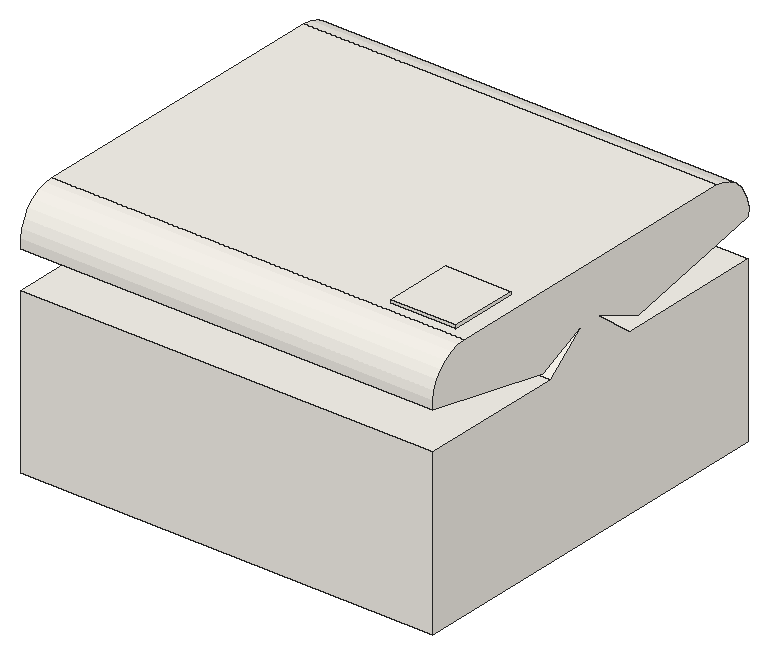
Revit family "Domotics-DomesticRanges-GEWISS-CHORUS_COMMAND-PUSH-BUTTON_ELECTRONIC_2M", category Apparecchi elettrici, host Superficie, Revit 2016
Family settings
  Host = Superficie
  Mantenere orientamento annotazione = Sì
  Tipo di parte = Normale
  Quota connettore circolare = Usa diametro
  Taglio con vuoti quando caricato = Sì
  Condiviso = Sì
  Punto di calcolo locali = Sì
Parameters (values of type "GW14918 - Electronic push-button 2M indicator titanium")
  Vista in pianta [instance] = yes
  Version file RFA = "19.0"
  URL = "https://www.gewiss.com/ww/en"
  Type: = "Backlit"
  Type of use: = ""
  Type of use = "Bus contacts interfaces"
  Type of contact = "Potential-free"
  Type = "Indicator"
  Tipo_ = CHORUS PULSANTI ELETTRONICI 2M_GENERICO : GW14918 Pulsante elettronico 2M segnalazione luminosa titanio
  Technical sheet = "https://www.gewiss.com/ww/en/search?q=GW14918"
  Supply voltage = "Backlit"
  Simbolo [instance] = yes
  SEO = "Push button"
  Realized by GEWISS S.p.A. = ""
  Default Elevation = 1219.2 mm
  Produttore = "GEWISS S.p.A."
  Offset_pulsante [instance] = 0 mm
  Offset_bidimensionale [instance] = 2 mm
  No. Chorus modules: = "2"
  No. Chorus modules = "2"
  Modello = "GW14918"
  Inputs = "BUS"
  Immagine tipo = GW14918.jpg
  IFC.TypeObject = ""
  IFC.ExportType = ""
  IFC.ExportAs = ""
  IDT = "4ca41d65-6c8f-45c9-b2d9-76c5349e6005"
  IDF = "568fd9f2-3731-4a5a-933f-4a1efe494eb3"
  Electrocod = "0144"
  EAN code = "8011564816497"
  Distanza_x [instance] = 0 mm
  Distanza_effettiva_x [instance] = 1000 mm - Distanza_x  # 1000 mm
  Descrizione = "ELECTRONIC PUSH-BUTTON 2M INDICATOR TI."
  Description. = "Electronic push-button"
  Colour = "Titanium"
  Catalogue Range = "CHORUS - DOMESTIC RANGE"
  Catalogue = "DOMOTICS"
  COBie.Tagnumber = ""
  COBie.CreatedOn = ""
  COBie.CreatebBy = ""
  COBie.ComponentRegisterItemID = ""
  COBie.Component.TagNumber = ""
  COBie.Component.Space = ""
  COBie.Component.SerialNumber = ""
  COBie.Component.InstallationDate = ""
  COBie.Component.Description = ""
  COBie.Component.BarCode = ""
  Button key = "With replaceable neutral lens"
  18 = yes
  17 = no
Types (6, lengths in mm): name | Type of use: | Type | Tipo_ | Technical sheet | Modello | Immagine tipo | IDT | EAN code | Descrizione | Colour | Button key | 18 | 17
  GW10917 - Electronic push-button 2M backlit white | "Bus contacts interfaces" | "Backlit" | CHORUS PULSANTI ELETTRONICI 2M_GENERICO : GW10917 Pulsante elettronico 2M localizzazione luminosa bianco | "https://www.gewiss.com/ww/en/search?q=GW10917" | "GW10917" | GW10917.jpg | "0f5c93cd-8ac6-44ed-9cc3-5d7869210643" | "8011564816428" | "ELECTRONIC PUSH-BUTTON 2M BACKLIT WH" | "White" | "With diffuser" | no | yes
  GW10918 - Electronic push-button 2M indicator white | "Bus contacts interfaces" | "Indicator" | CHORUS PULSANTI ELETTRONICI 2M_GENERICO : GW10918 Pulsante elettronico 2M segnalazione luminosa bianco | "https://www.gewiss.com/ww/en/search?q=GW10918" | "GW10918" | GW10918.jpg | "559f1121-b7ac-4590-b188-fa35ff031494" | "8011564816435" | "ELECTRONIC PUSH-BUTTON 2M INDICATOR WH" | "White" | "With replaceable neutral lens" | yes | no
  GW12917 - Electronic push-button 2M backlit black | "" | "Backlit" | CHORUS PULSANTI ELETTRONICI 2M_GENERICO : GW12917 Pulsante elettronico 2M localizzazione luminosa nero | "https://www.gewiss.com/ww/en/search?q=GW12917" | "GW12917" | GW12917.jpg | "2e450a75-7789-4710-ba0b-65f09cd72daf" | "8011564816459" | "ELECTRONIC PUSH-BUTTON 2M BACKLIT BL" | "Black" | "With diffuser" | no | yes
  GW12918 - Electronic push-button 2M indicator black | "" | "Indicator" | CHORUS PULSANTI ELETTRONICI 2M_GENERICO : GW12918 Pulsante elettronico 2M segnalazione luminosa nero | "https://www.gewiss.com/ww/en/search?q=GW12918" | "GW12918" | GW12918.jpg | "a52f9aff-6639-4627-9f5a-edfd0e095df3" | "8011564816466" | "ELECTRONIC PUSH-BUTTON 2M INDICATOR BL." | "Black" | "With replaceable neutral lens" | yes | no
  GW14917 - Electronic push-button 2M backlit titanium | "" | "Backlit" | CHORUS PULSANTI ELETTRONICI 2M_GENERICO : GW14917 Pulsante elettronico 2M localizzazione luminosa titanio | "https://www.gewiss.com/ww/en/search?q=GW14917" | "GW14917" | GW14917.jpg | "eac558ed-6c93-4659-a9ef-70dde1057336" | "8011564816480" | "ELECTRONIC PUSH-BUTTON 2M BACKLIT TI." | "Titanium" | "With diffuser" | no | yes
  GW14918 - Electronic push-button 2M indicator titanium | "" | "Indicator" | CHORUS PULSANTI ELETTRONICI 2M_GENERICO : GW14918 Pulsante elettronico 2M segnalazione luminosa titanio | "https://www.gewiss.com/ww/en/search?q=GW14918" | "GW14918" | GW14918.jpg | "4ca41d65-6c8f-45c9-b2d9-76c5349e6005" | "8011564816497" | "ELECTRONIC PUSH-BUTTON 2M INDICATOR TI." | "Titanium" | "With replaceable neutral lens" | yes | no
Reference planes
  plane 1 "Centro (Fronte/Retro)": y = 0
  plane 2: z = 0
  plane 3 "Centro (Sinistra/Destra)": x = 0
  plane 4: x = -1000
  plane 5: x = 0
  plane 6: z = 0
  plane 7: z = 29.859
  plane 8: z = 27.859
  plane 9: x = 27
  plane 10: x = -27
  plane 11: z = 0
Lines and regions (mm)
  Masking region 1, detail levels coarse
    outline origin (0, 0, 0) x (0, 1, 0) y (0, 0, 1)
      loop
        line (-22, 0) -> (22, 0) -> (22, 27.859) -> (-22, 27.859) -> (-22, 0)
  Masking region 2, detail levels coarse
    outline origin (0, 0, 0) x (1, 0, 0) y (0, 0, 1)
      loop
        line (-27, 27.859) -> (-27, 0) -> (27, 0) -> (27, 27.859) -> (-27, 27.859)
  model lines, style "0", not visible, detail levels coarse
    curve 1: line (23.25, 22, 0) -> (23.25, -21.937, 0)
    curve 2: line (23.25, -21.937, 0) -> (-22.625, -21.937, 0)
    curve 3: line (-22.625, -21.937, 0) -> (-22.625, 22, 0)
    curve 4: line (-22.625, 22, 0) -> (23.25, 22, 0)
    curve 5: line (21.11, -16.808, 0) -> (17.321, -16.808, 0)
    curve 6: line (17.321, -16.808, 0) -> (13.532, -16.808, 0)
    curve 7: line (13.532, -16.808, 0) -> (13.532, -13.018, 0)
    curve 8: line (13.532, -13.018, 0) -> (13.532, -9.229, 0)
    curve 9: line (13.532, -9.229, 0) -> (17.321, -9.229, 0)
    curve 10: line (17.321, -9.229, 0) -> (21.11, -9.229, 0)
    curve 11: line (21.11, -9.229, 0) -> (21.11, -13.018, 0)
    curve 12: line (21.11, -13.018, 0) -> (21.11, -16.808, 0)
  model lines, style "0", detail levels coarse
    curve 13: line (23.25, 22, 29.859) -> (23.25, -21.937, 29.859)
    curve 14: line (23.25, -21.937, 29.859) -> (-22.625, -21.937, 29.859)
    curve 15: line (-22.625, -21.937, 29.859) -> (-22.625, 22, 29.859)
    curve 16: line (-22.625, 22, 29.859) -> (23.25, 22, 29.859)
    curve 17: line (21.11, -16.808, 29.859) -> (17.321, -16.808, 29.859)
    curve 18: line (17.321, -16.808, 29.859) -> (13.532, -16.808, 29.859)
    curve 19: line (13.532, -16.808, 29.859) -> (13.532, -13.018, 29.859)
    curve 20: line (13.532, -13.018, 29.859) -> (13.532, -9.229, 29.859)
    curve 21: line (13.532, -9.229, 29.859) -> (17.321, -9.229, 29.859)
    curve 22: line (17.321, -9.229, 29.859) -> (21.11, -9.229, 29.859)
    curve 23: line (21.11, -9.229, 29.859) -> (21.11, -13.018, 29.859)
    curve 24: line (21.11, -13.018, 29.859) -> (21.11, -16.808, 29.859)
Dimensions and locks
  plane 4 to plane 3 "Centro (Sinistra/Destra)" = 1000 mm
  "Distanza_effettiva_x": plane 4 to plane 5
  "Offset_pulsante": plane 11 to plane 2
  locked: plane 8 to plane 11 at 27.859
  "Offset_bidimensionale": plane 7 to plane 8
  aligned and locked: plane 2 to host face
  aligned and locked: level to host face
  aligned and locked: plane 5 to nested 2
  aligned and locked: plane 1 "Centro (Fronte/Retro)" to nested 1
  aligned and locked: plane 8 to nested 1
  aligned and locked: plane 7 to curve 13
  aligned and locked: plane 8 to Masking region 1
  aligned and locked: Masking region 1 to plane 11
  aligned and locked: Masking region 2 sketch curve to plane 9
  aligned and locked: Masking region 2 sketch curve to plane 8
  aligned and locked: Masking region 2 sketch curve to plane 10
  aligned and locked: plane 11 to Masking region 2 sketch curve
Automatic sketch dimensions
  host sketch curve to host sketch curve = 2438.4 mm  (x2)
  plane 6 to Masking region 1 sketch curve = 0 mm
  plane 1 "Centro (Fronte/Retro)" to Masking region 1 sketch curve = 22 mm
  Masking region 1 sketch curve to plane 1 "Centro (Fronte/Retro)" = 22 mm
  Masking region 1 sketch curve to plane 8 = 0 mm
Nested families
  nested 1: "CHORUS PULSANTI ELETTRONICI 2M_GENERICO" at (0, 0, 0.3), visible <- "Vista in pianta", type <- "Tipo_", type "GW14918 Pulsante elettronico 2M segnalazione luminosa titanio", detail levels medium+fine
  nested 2: "PULSANTI" at (0, 20, 0), SIMBOLO <- "Simbolo", visible <- "Simbolo", type "LUM"
    with TESTO ELETTRICO "", SIMBOLO yes, Distanza dal muro 4 mm, BORDO ACCESO yes
Definition of nested family "CHORUS PULSANTI ELETTRONICI 2M_GENERICO"
  Parameters (values of type "GW14918 Pulsante elettronico 2M segnalazione luminosa titanio")
    rettangolo = no
    quadrato = yes
    Materiale = none
  Types (6, lengths in mm): name | rettangolo | quadrato
    GW10917 Pulsante elettronico 2M localizzazione luminosa bianco | yes | no
    GW10918 Pulsante elettronico 2M segnalazione luminosa bianco | no | yes
    GW12917 Pulsante elettronico 2M localizzazione luminosa nero | yes | no
    GW12918 Pulsante elettronico 2M segnalazione luminosa nero | no | yes
    GW14917 Pulsante elettronico 2M localizzazione luminosa titanio | yes | no
    GW14918 Pulsante elettronico 2M segnalazione luminosa titanio | no | yes
  Reference planes
    plane 1 "Centro (Fronte/Retro)": y = 0
    plane 2: z = 0
    plane 3 "Centro (Sinistra/Destra)": x = 0
    plane 4 "DETTAGLI PROSPETTO": z = 30.684
    plane 5: x = -23
    plane 6: x = 24.257
    plane 7: x = 17.047
    plane 8: y = -16.462
    plane 9: y = -2.784
    plane 10: y = -8.828
    plane 11: z = 26.559
    plane 12: z = 27.859
  Forms (mm)
    Extrusion 1, solid, material <- "Materiale"
      sketch origin (250, -326.84, -117.321) x (0, 0, 1) y (0, 1, 0)
        loop
          line (135.553, 321.356) -> (139.263, 325.938) -> (136.684, 320.145) -> (139.765, 304.84)
          arc (139.765, 304.84) -> (143.297, 305.943) -> (144.88, 309.286) r 4.609
          line (144.88, 309.286) -> (144.88, 344.394)
          arc (144.88, 344.394) -> (143.297, 347.737) -> (139.765, 348.84) r 4.609
          line (139.765, 348.84) -> (136.684, 333.535) -> (139.263, 327.742) -> (135.553, 332.324) -> (135.553, 348.84) -> (117.321, 348.84) -> (117.321, 304.84) -> (135.553, 304.84) -> (135.553, 321.356)
      from 227 to 273
    Extrusion 2, solid, material <- "Materiale", visible <- "rettangolo"
      sketch origin (-3.125, 0, 0) x (1, 0, 0) y (0, 1, 0)
        loop
          line (17.047, -16.462) -> (24.257, -16.462) -> (24.257, 0) -> (17.047, 0) -> (17.047, -16.462)
      from 26.559 to 27.859
    Extrusion 3, solid, material <- "Materiale", visible <- "quadrato"
      sketch origin (-3.125, 0, 0) x (1, 0, 0) y (0, 1, 0)
        loop
          line (17.047, -8.828) -> (17.047, -16.462) -> (24.257, -16.462) -> (24.257, -8.828) -> (17.047, -8.828)
      from 26.559 to 27.859
  Dimensions and locks
    Extrusion 1 sketch curve to Extrusion 1 sketch curve = 18.231 mm
    locked: plane 11 to plane 12 at 1.3
    aligned and locked: level to plane 2
    aligned and locked: plane 5 to Extrusion 1
    aligned and locked: plane 11 to Extrusion 2
    aligned and locked: Extrusion 2 to plane 12
    aligned and locked: plane 11 to Extrusion 3
    aligned and locked: Extrusion 3 to plane 12
Definition of nested family "PULSANTI"
  Parameters (values of type "DIMMMANOP")
    TESTO ELETTRICO [instance] = ""
    Simbolo = PULSANTI_BASE : DIMMMANOP
    SIMBOLO [instance] = yes
    Distanza dal muro [instance] = 4.208 mm
    BORDO ACCESO [instance] = yes
  Types (11, lengths in mm): name | TESTO ELETTRICO | Simbolo
    PULSANTE | "" | PULSANTI_BASE : PULSANTE
    PULSTIRANTE | "" | PULSANTI_BASE : PULSTIRANTE
    PULSCHIAVE | "" | PULSANTI_BASE : PULSCHIAVE
    TARGA | "" | PULSANTI_BASE : TARGA
    RRNC | "A" | PULSANTI_BASE : RRNC
    MARNO | "M" | PULSANTI_BASE : MARNO
    LUM | "" | PULSANTI_BASE : LUM
    DOPPIO | "" | PULSANTI_BASE : DOPPIO
    DIMMPULS | "" | PULSANTI_BASE : DIMMPULS
    DIMMMANOP | "" | PULSANTI_BASE : DIMMMANOP
    DIMMMANOPDEV | "" | PULSANTI_BASE : DIMMMANOPDEV
  Reference planes
    plane 1: y = 0
    plane 2: x = 0
  Lines and regions (mm)
    detail lines, visible <- "BORDO ACCESO", not visible
      curve 1: line (-2.25, 0.412, 0) -> (2.25, 0.412, 0)
      curve 2: line (2.25, 0.412, 0) -> (2.25, -5.588, 0)
      curve 3: line (2.25, -5.588, 0) -> (-2.25, -5.588, 0)
      curve 4: line (-2.25, -5.588, 0) -> (-2.25, 0.412, 0)
      curve 30: line (-1.85, 0.012, 0) -> (1.85, 0.012, 0)
      curve 31: line (1.85, 0.012, 0) -> (1.85, -5.188, 0)
      curve 32: line (1.85, -5.188, 0) -> (-1.85, -5.188, 0)
      curve 33: line (-1.85, -5.188, 0) -> (-1.85, 0.012, 0)
      curve 34: line (-2.25, 6, 0) -> (2.25, 6, 0)
      curve 35: line (2.25, 6, 0) -> (2.25, 0, 0)
      curve 36: line (2.25, 0, 0) -> (-2.25, 0, 0)
      curve 37: line (-2.25, 0, 0) -> (-2.25, 6, 0)
      curve 61: line (-1.85, 5.6, 0) -> (1.85, 5.6, 0)
      curve 62: line (1.85, 5.6, 0) -> (1.85, 0.4, 0)
      curve 63: line (1.85, 0.4, 0) -> (-1.85, 0.4, 0)
      curve 64: line (-1.85, 0.4, 0) -> (-1.85, 5.6, 0)
      curve 65: line (-2.443, 10.208, 0) -> (2.057, 10.208, 0)
      curve 66: line (2.057, 10.208, 0) -> (2.057, 4.208, 0)
      curve 67: line (2.057, 4.208, 0) -> (-2.443, 4.208, 0)
      curve 68: line (-2.443, 4.208, 0) -> (-2.443, 10.208, 0)
      curve 69: line (-2.043, 9.808, 0) -> (1.657, 9.808, 0)
      curve 70: line (1.657, 9.808, 0) -> (1.657, 4.608, 0)
      curve 71: line (1.657, 4.608, 0) -> (-2.043, 4.608, 0)
      curve 72: line (-2.043, 4.608, 0) -> (-2.043, 9.808, 0)
    detail lines, not visible
      curve 5: line (-9.473, -5.588, 0) -> (10.527, -5.588, 0)
      curve 6: circle (-0.56, -0.487, 0) r 0.969 normal (0, 0, 1)
      curve 7: line (-0.005, 0.306, 0) -> (0.852, 1.529, 0)
      curve 8: line (0.852, 1.529, 0) -> (1.529, 1.047, 0)
      curve 9: circle (-0.56, -315.487, 0) r 0.969 normal (0, 0, 1)
      curve 10: line (-0.005, -314.694, 0) -> (0.852, -313.471, 0)
      curve 11: line (0.852, -313.471, 0) -> (1.529, -313.953, 0)
      curve 12: line (-1.245, -314.803, 0) -> (0.124, -316.172, 0)
      curve 13: line (0.124, -314.803, 0) -> (-1.245, -316.172, 0)
      curve 14: circle (-0.56, -480.487, 0) r 0.969 normal (0, 0, 1)
      curve 15: line (-0.005, -479.694, 0) -> (0.852, -478.471, 0)
      curve 16: line (0.852, -478.471, 0) -> (1.529, -478.953, 0)
      curve 17: line (0.493, -478.983, 0) -> (1.167, -479.462, 0)
      curve 18: circle (-0.56, -880.487, 0) r 0.969 normal (0, 0, 1)
      curve 19: line (-0.005, -879.694, 0) -> (0.852, -878.471, 0)
      curve 20: line (0.852, -878.471, 0) -> (1.529, -878.953, 0)
      curve 21: line (-1.245, -879.803, 0) -> (0.124, -881.172, 0)
      curve 22: line (0.124, -879.803, 0) -> (-1.245, -881.172, 0)
      curve 23: line (0.493, -878.983, 0) -> (1.167, -879.462, 0)
      curve 24: circle (-0.56, -365.487, 0) r 0.969 normal (0, 0, 1)
      curve 25: line (-0.005, -364.694, 0) -> (0.852, -363.471, 0)
      curve 26: line (0.852, -363.471, 0) -> (1.529, -363.953, 0)
      curve 27: line (-0.56, -364.925, 0) -> (-0.56, -366.05, 0)
      curve 28: line (0.493, -363.983, 0) -> (1.167, -364.462, 0)
      curve 29: line (0, 3.621, 0) -> (0, -16.379, 0)
      curve 38: circle (-0.56, 2.417, 0) r 0.969 normal (0, 0, 1)
      curve 39: line (-0.005, 3.21, 0) -> (0.852, 4.433, 0)
      curve 40: line (0.852, 4.433, 0) -> (1.529, 3.951, 0)
      curve 41: circle (-0.56, 2.417, 0) r 0.969 normal (0, 0, 1)
      curve 42: line (-0.005, 3.21, 0) -> (0.852, 4.433, 0)
      curve 43: line (0.852, 4.433, 0) -> (1.529, 3.951, 0)
      curve 44: line (-1.245, 3.102, 0) -> (0.124, 1.732, 0)
      curve 45: line (0.124, 3.102, 0) -> (-1.245, 1.732, 0)
      curve 46: circle (-0.56, 2.417, 0) r 0.969 normal (0, 0, 1)
      curve 47: line (-0.005, 3.21, 0) -> (0.852, 4.433, 0)
      curve 48: line (0.852, 4.433, 0) -> (1.529, 3.951, 0)
      curve 49: circle (-0.56, 2.417, 0) r 0.969 normal (0, 0, 1)
      curve 50: line (-0.005, 3.21, 0) -> (0.852, 4.433, 0)
      curve 51: line (0.852, 4.433, 0) -> (1.529, 3.951, 0)
      curve 52: line (-1.245, 3.102, 0) -> (0.124, 1.732, 0)
      curve 53: line (0.124, 3.102, 0) -> (-1.245, 1.732, 0)
      curve 54: line (0.493, 3.921, 0) -> (1.167, 3.442, 0)
      curve 55: line (0.493, 3.921, 0) -> (1.167, 3.442, 0)
      curve 56: circle (-0.56, 2.417, 0) r 0.969 normal (0, 0, 1)
      curve 57: line (-0.005, 3.21, 0) -> (0.852, 4.433, 0)
      curve 58: line (0.852, 4.433, 0) -> (1.529, 3.951, 0)
      curve 59: line (-0.56, 2.979, 0) -> (-0.56, 1.854, 0)
      curve 60: line (0.493, 3.921, 0) -> (1.167, 3.442, 0)
      curve 73: line (-1.644, 2.848, 0) -> (1.644, 2.848, 0)
      curve 74: line (-1.644, 0.61, 0) -> (-1.644, 2.848, 0)
      curve 75: line (1.644, 0.61, 0) -> (-1.644, 0.61, 0)
      curve 76: line (1.644, 2.848, 0) -> (1.644, 0.61, 0)
      curve 77: line (-1.325, 0.987, 0) -> (1.325, 0.987, 0)
      curve 78: circle (0, 1.912, 0) r 0.5 normal (0, 0, 1)
      curve 79: circle (0, 1.912, 0) r 0.8 normal (0, 0, 1)
      curve 80: line (-1.325, 0.987, 0) -> (1.325, 0.987, 0)
      curve 81: line (-0.354, 2.265, 0) -> (0.354, 1.558, 0)
      curve 82: line (0.354, 2.265, 0) -> (-0.354, 1.558, 0)
  Dimensions and locks
    aligned and locked: curve 5 to curve 3
    aligned and locked: plane 2 to nested 1
  Nested families
    nested 1: "PULSANTI_BASE" at (0, 0.703, 0), BORDO ACCESO <- "BORDO ACCESO", type <- "Simbolo", TESTO ELETTRICO <- "TESTO ELETTRICO", visible <- "SIMBOLO", type "DIMMMANOP"
      with TESTO ELETTRICO "", BORDO ACCESO yes
  Definition of nested family "PULSANTI_BASE"
    Parameters (values of type "DIMMMANOPDEV")
      TEXT = no
      TESTO ELETTRICO [instance] = ""
      TARGA = no
      PULSANTECHIAVE = no
      PULSTIRANTE = no
      PULSANTE = no
      LUM = no
      DOPPIO = no
      DIMMPULSINT = no
      DIMMPULS = no
      DIMMMANOPDEV = yes
      BORDO ACCESO [instance] = yes
    Types (11, lengths in mm): name | TEXT | TARGA | PULSANTECHIAVE | PULSTIRANTE | PULSANTE | LUM | DOPPIO | DIMMPULSINT | DIMMPULS | DIMMMANOPDEV
      PULSANTE | no | no | no | no | yes | no | no | no | no | no
      PULSTIRANTE | no | no | no | yes | yes | no | no | no | no | no
      PULSCHIAVE | no | no | yes | no | yes | no | no | no | no | no
      TARGA | no | yes | no | no | no | no | no | no | no | no
      RRNC | yes | no | no | no | yes | no | no | no | no | no
      MARNO | yes | no | no | no | yes | no | no | no | no | no
      LUM | no | no | no | no | no | yes | no | no | no | no
      DOPPIO | no | no | no | no | no | no | yes | no | no | no
      DIMMPULS | no | no | no | no | no | no | no | yes | yes | no
      DIMMMANOP | no | no | no | no | no | no | no | no | yes | no
      DIMMMANOPDEV | no | no | no | no | no | no | no | no | no | yes
    Reference planes
      plane 1: y = 0
      plane 2: x = 0
    Lines and regions (mm)
      detail lines, visible <- "PULSANTE"
        curve 1: circle (0, 1.258, 0) r 0.527 normal (0, 0, 1)
        curve 11: circle (0, 1.258, 0) r 0.394 normal (0, 0, 1)
      detail lines, visible <- "BORDO ACCESO", not visible
        curve 2: line (-1.943, 9.208, 0) -> (1.857, 9.208, 0)
        curve 3: line (1.857, 9.208, 0) -> (1.857, 4.208, 0)
        curve 4: line (1.857, 4.208, 0) -> (-1.943, 4.208, 0)
        curve 5: line (-1.943, 4.208, 0) -> (-1.943, 9.208, 0)
        curve 6: line (-1.743, 9.008, 0) -> (1.657, 9.008, 0)
        curve 7: line (1.657, 9.008, 0) -> (1.657, 4.408, 0)
        curve 8: line (1.657, 4.408, 0) -> (-1.743, 4.408, 0)
        curve 9: line (-1.743, 4.408, 0) -> (-1.743, 9.008, 0)
      detail lines, visible <- "PULSANTECHIAVE"
        curve 10: line (0, 1.49, 0) -> (0, 0.929, 0)
      detail lines, visible <- "PULSTIRANTE"
        curve 12: line (0, 0.732, 0) -> (0, 0.441, 0)
        curve 13: line (-0.162, 0.441, 0) -> (0.162, 0.441, 0)
        curve 14: line (-0.162, 0.441, 0) -> (0, 0.16, 0)
        curve 15: line (0, 0.16, 0) -> (0.162, 0.441, 0)
      detail lines, visible <- "TARGA"
        curve 16: line (-0.866, 1.843, 0) -> (0.866, 1.843, 0)
        curve 17: line (-0.866, 0.665, 0) -> (-0.866, 1.843, 0)
        curve 18: line (0.866, 0.665, 0) -> (-0.866, 0.665, 0)
        curve 19: line (0.866, 1.843, 0) -> (0.866, 0.665, 0)
        curve 20: line (-0.698, 0.863, 0) -> (-0.469, 0.863, 0)
        curve 21: circle (0, 1.35, 0) r 0.263 normal (0, 0, 1)
        curve 22: circle (0, 1.35, 0) r 0.421 normal (0, 0, 1)
        curve 23: line (-0.698, 0.863, 0) -> (-0.469, 0.863, 0)
        curve 24: line (-0.186, 1.536, 0) -> (0.186, 1.164, 0)
        curve 25: line (0.186, 1.536, 0) -> (-0.186, 1.164, 0)
      detail lines, visible <- "TARGA", not visible
        curve 26: line (-1.644, 2.848, 0) -> (1.644, 2.848, 0)
        curve 27: line (-1.644, 0.61, 0) -> (-1.644, 2.848, 0)
        curve 28: line (1.644, 0.61, 0) -> (-1.644, 0.61, 0)
        curve 29: line (1.644, 2.848, 0) -> (1.644, 0.61, 0)
        curve 30: line (-1.325, 0.987, 0) -> (1.325, 0.987, 0)
        curve 31: circle (0, 1.912, 0) r 0.5 normal (0, 0, 1)
        curve 32: circle (0, 1.912, 0) r 0.8 normal (0, 0, 1)
        curve 33: line (-1.325, 0.987, 0) -> (1.325, 0.987, 0)
        curve 34: line (-0.354, 2.265, 0) -> (0.354, 1.558, 0)
        curve 35: line (0.354, 2.265, 0) -> (-0.354, 1.558, 0)
        curve 59: line (-0.866, 3.093, 0) -> (0.866, 3.093, 0)
        curve 60: line (-0.866, 1.915, 0) -> (-0.866, 3.093, 0)
        curve 61: line (0.866, 1.915, 0) -> (-0.866, 1.915, 0)
        curve 62: line (0.866, 3.093, 0) -> (0.866, 1.915, 0)
        curve 63: line (-0.698, 2.113, 0) -> (0.698, 2.113, 0)
        curve 64: circle (0, 2.6, 0) r 0.263 normal (0, 0, 1)
        curve 65: circle (0, 2.6, 0) r 0.421 normal (0, 0, 1)
        curve 66: line (-0.698, 2.113, 0) -> (0.698, 2.113, 0)
        curve 67: line (-0.186, 2.786, 0) -> (0.186, 2.414, 0)
        curve 68: line (0.186, 2.786, 0) -> (-0.186, 2.414, 0)
      detail lines, visible <- "LUM"
        curve 36: circle (0, 1.258, 0) r 0.527 normal (0, 0, 1)
        curve 37: circle (0, 1.258, 0) r 0.394 normal (0, 0, 1)
        curve 38: line (0.279, 0.979, 0) -> (-0.279, 1.537, 0)
        curve 39: line (-0.279, 0.979, 0) -> (0.279, 1.537, 0)
      detail lines, visible <- "LUM", not visible
        curve 40: circle (0, -4.588, 0) r 1 normal (0, 0, 1)
        curve 41: circle (0, -4.588, 0) r 0.749 normal (0, 0, 1)
        curve 42: line (0.53, -5.117, 0) -> (-0.53, -4.058, 0)
        curve 43: line (-0.53, -5.117, 0) -> (0.53, -4.058, 0)
        curve 69: circle (0, 2.508, 0) r 0.527 normal (0, 0, 1)
        curve 70: circle (0, 2.508, 0) r 0.394 normal (0, 0, 1)
        curve 71: line (0.279, 2.229, 0) -> (-0.279, 2.787, 0)
        curve 72: line (-0.279, 2.229, 0) -> (0.279, 2.787, 0)
      detail lines, visible <- "DOPPIO"
        curve 44: circle (0, 1.785, 0) r 0.527 normal (0, 0, 1)
        curve 45: circle (0, 1.785, 0) r 0.394 normal (0, 0, 1)
        curve 46: circle (0, 0.732, 0) r 0.527 normal (0, 0, 1)
        curve 47: circle (0, 0.732, 0) r 0.394 normal (0, 0, 1)
      detail lines, visible <- "DOPPIO", not visible
        curve 48: circle (0, -6.992, 0) r 1 normal (0, 0, 1)
        curve 49: circle (0, -6.992, 0) r 0.749 normal (0, 0, 1)
        curve 50: circle (0, -8.992, 0) r 1 normal (0, 0, 1)
        curve 51: circle (0, -8.992, 0) r 0.749 normal (0, 0, 1)
        curve 73: circle (0, 3.035, 0) r 0.527 normal (0, 0, 1)
        curve 74: circle (0, 3.035, 0) r 0.394 normal (0, 0, 1)
        curve 75: circle (0, 1.982, 0) r 0.527 normal (0, 0, 1)
        curve 76: circle (0, 1.982, 0) r 0.394 normal (0, 0, 1)
      detail lines, visible <- "PULSANTE", not visible
        curve 52: circle (0, 2.508, 0) r 0.527 normal (0, 0, 1)
        curve 54: circle (0, 2.508, 0) r 0.394 normal (0, 0, 1)
      detail lines, visible <- "PULSANTECHIAVE", not visible
        curve 53: line (0, 2.809, 0) -> (0, 2.179, 0)
      detail lines, visible <- "PULSTIRANTE", not visible
        curve 55: line (0, 1.982, 0) -> (0, 1.691, 0)
        curve 56: line (-0.162, 1.691, 0) -> (0.162, 1.691, 0)
        curve 57: line (-0.162, 1.691, 0) -> (0, 1.41, 0)
        curve 58: line (0, 1.41, 0) -> (0.162, 1.691, 0)
      detail lines, visible <- "DIMMPULS"
        curve 77: circle (-0.18, 0.945, 0) r 0.4 normal (0, 0, 1)
        curve 79: line (-0.118, 1.411, 0) -> (0.479, 1.411, 0)
        curve 80: line (0.479, 1.411, 0) -> (0.479, 1.676, 0)
        curve 81: line (0.479, 1.676, 0) -> (-0.118, 1.411, 0)
        curve 82: line (0.095, 1.236, 0) -> (0.521, 1.843, 0)
      detail lines, visible <- "DIMMPULSINT"
        curve 78: circle (-0.18, 0.945, 0) r 0.3 normal (0, 0, 1)
      detail lines, visible <- "DIMMMANOPDEV"
        curve 83: circle (0.027, 1.185, 0) r 0.289 normal (0, 0, 1)
        curve 84: line (0.071, 1.522, 0) -> (0.502, 1.522, 0)
        curve 85: line (0.502, 1.522, 0) -> (0.502, 1.712, 0)
        curve 86: line (0.502, 1.712, 0) -> (0.071, 1.522, 0)
        curve 87: line (0.225, 1.395, 0) -> (0.519, 1.814, 0)
        curve 88: line (0.519, 1.814, 0) -> (0.814, 1.607, 0)
        curve 89: line (-0.088, 0.921, 0) -> (-0.357, 0.485, 0)
        curve 90: line (-0.357, 0.485, 0) -> (-0.664, 0.675, 0)
    Text (mm)
      label "TXT" at (0.016, 1.223, 0), shows "TESTO ELETTRICO", visible <- "TEXT"
      label "TXT" at (0.016, 2.473, 0), shows "TESTO ELETTRICO", visible <- "TEXT", not visible
